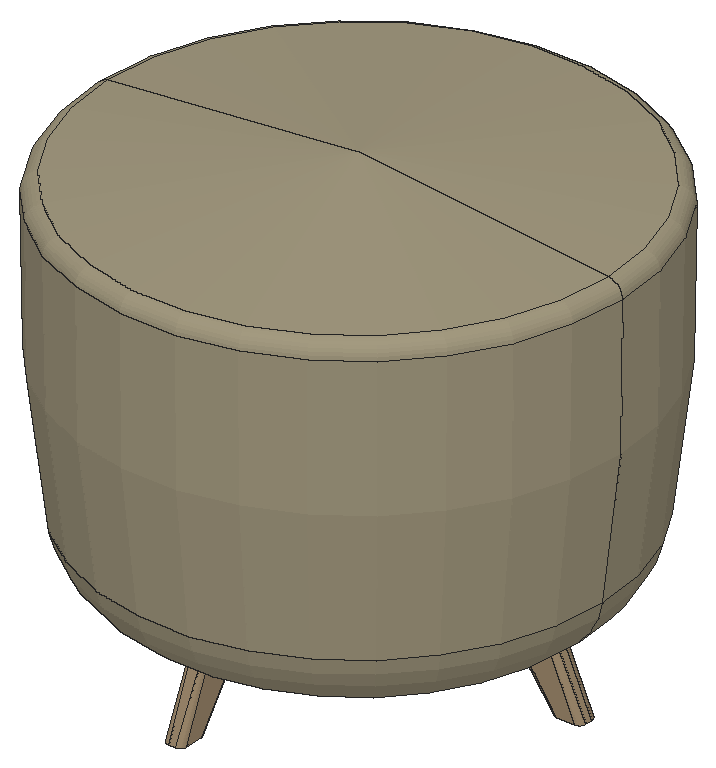
Revit family "FU_Chair_Sandler_DIADEMA 04011", category Furniture, Revit 2020
Family settings
  OmniClass Number = 23.21.23.15.17
  Work Plane-Based = Yes
  Always vertical = No
  Cut with Voids When Loaded = No
  Shared = No
  Room Calculation Point = No
Parameters (values of type "DIADEMA 04011")
  Youtube clip = ""
  Uniformat II Description = "Movable Furnishings"
  Uniformat II Code = ""
  Uniclass 2015 Name = ""
  Uniclass 2015 Code = ""
  Uniclass 2.0 Description = ""
  Uniclass 2.0 Code = ""
  Uniclass 1.4 Description = ""
  Uniclass 1.4 Code = ""
  UNSPSC Code = ""
  Technical description = ""
  Shell Material = Fabric - Mainline Flax - Kensington MLF07
  Frame Material = Wood - Beech - 1036 Pearl Gold
  Region South America = "All"
  Region Oceania = "All"
  Region North America = "All"
  Region Middle East = "All"
  Region Europe = "All"
  Region Asia = "All"
  Region Antarctica = "All"
  Region Africa = "All"
  QR code = "https://www.sandlerseating.com/product/diadema-04011"
  Product url = "https://www.sandlerseating.com/product/diadema-04011/"
  Product name = "DIADEMA 04011"
  Product group = "Chair"
  Product family = "Furniture"
  Product data url = "https://www.sandlerseating.com/product/diadema-04011/"
  Product certification = ""
  Product SKU = "??"
  Product Guid = "??"
  OmniClass Description = ""
  OmniClass Code = "23-21 23 15 17"
  NBS Reference Description = ""
  NBS Reference Code = ""
  Model = "DIADEMA 04011"
  Masterformat 2014 Description = "Chair Mats"
  Masterformat 2014 Code = "12 48 43.13"
  Manufacturer name = "Sandler"
  Manufacturer country = "USA"
  Manufacturer = "Sandler"
  Installation instructions = ""
  IFC Classification = "Furnishing Element"
  GTIN code = ""
  Edition number = 1
  Design country = "Brasil"
  Description = "Chair"
  Default Elevation = 0.000 mm
  Date of publishing = ""
  COBIe Type Category = ""
  Brand url = "https://www.sandlerseating.com/"
  BIMobject main category code = "furniture"
  BIMobject main category = "Furniture"
  BIMobject category code = "furniture-chair"
  BIMobject category = "Chair"
Reference planes
  plane 1 "Center Front/Back": y = 0
  plane 2: z = 0
  plane 3 "Center Left/Right": x = 0
Forms (mm)
  Revolve 1, solid, material "Fabric - Mainline Flax - Kensington MLF07" <- "Shell Material"
    sketch origin (0, 0, 0) x (1, 0, 0) y (0, 0, 1)
      loop
        arc (0, 401.606) -> (-117.603, 396.02) -> (-234.146, 379.311) r 1240.654
        arc (-234.146, 379.311) -> (-243.016, 374.174) -> (-246.776, 364.638) r 15.584
        arc (-246.776, 364.638) -> (-244.834, 234.047) -> (-228.463, 104.471) r 1179.391
        arc (-228.463, 104.471) -> (-206.995, 64.226) -> (-166.179, 43.863) r 75
        arc (-166.179, 43.863) -> (-83.336, 34.264) -> (0, 31.058) r 1084.728
        line (0, 31.058) -> (0, 401.606)
      axis (0, 401.606) -> (0, 31.058)
    angle from 0 to 360
  Blend 2, solid, material "Wood - Beech - 1036 Pearl Gold" <- "Frame Material"
    base sketch origin (0, 0, 840) x (-1, 0, 0) y (0, -1, 0)
      loop
        line (209.446, 8.891) -> (192.675, 8.891)
        arc (192.675, 8.891) -> (189.139, 7.426) -> (187.675, 3.891) r 5
        line (187.675, 3.891) -> (187.675, -3.895)
        arc (187.675, -3.895) -> (189.259, -7.72) -> (193.083, -9.304) r 5.408
        line (193.083, -9.304) -> (209.303, -9.304)
        arc (209.303, -9.304) -> (213.333, -7.634) -> (215.002, -3.604) r 5.699
        line (215.002, -3.604) -> (215.002, 3.335)
        arc (215.002, 3.335) -> (213.375, 7.263) -> (209.446, 8.891) r 5.556
    top sketch origin (0, 0, 840) x (-1, 0, 0) y (0, -1, 0)
      loop
        line (183.065, 8.891) -> (149.498, 8.891)
        arc (149.498, 8.891) -> (144.733, 6.917) -> (142.759, 2.152) r 6.739
        line (142.759, 2.152) -> (142.759, -2.838)
        arc (142.759, -2.838) -> (144.653, -7.41) -> (149.225, -9.304) r 6.466
        line (149.225, -9.304) -> (182.675, -9.304)
        arc (182.675, -9.304) -> (186.21, -7.839) -> (187.675, -4.304) r 5
        line (187.675, -4.304) -> (187.675, 4.281)
        arc (187.675, 4.281) -> (186.325, 7.54) -> (183.065, 8.891) r 4.61
    from -840 to -780
  Blend 3, solid, material "Wood - Beech - 1036 Pearl Gold" <- "Frame Material"
    base sketch origin (0, 0, 840) x (1, 0, 0) y (0, 1, 0)
      loop
        arc (209.446, -8.891) -> (213.375, -7.263) -> (215.002, -3.335) r 5.556
        line (215.002, -3.335) -> (215.002, 3.604)
        arc (215.002, 3.604) -> (213.333, 7.634) -> (209.303, 9.304) r 5.699
        line (209.303, 9.304) -> (193.083, 9.304)
        arc (193.083, 9.304) -> (189.259, 7.72) -> (187.675, 3.895) r 5.408
        line (187.675, 3.895) -> (187.675, -3.891)
        arc (187.675, -3.891) -> (189.139, -7.426) -> (192.675, -8.891) r 5
        line (192.675, -8.891) -> (209.446, -8.891)
    top sketch origin (0, 0, 840) x (1, 0, 0) y (0, 1, 0)
      loop
        arc (183.065, -8.891) -> (186.325, -7.54) -> (187.675, -4.281) r 4.61
        line (187.675, -4.281) -> (187.675, 4.304)
        arc (187.675, 4.304) -> (186.21, 7.839) -> (182.675, 9.304) r 5
        line (182.675, 9.304) -> (149.225, 9.304)
        arc (149.225, 9.304) -> (144.653, 7.41) -> (142.759, 2.838) r 6.466
        line (142.759, 2.838) -> (142.759, -2.152)
        arc (142.759, -2.152) -> (144.733, -6.917) -> (149.498, -8.891) r 6.739
        line (149.498, -8.891) -> (183.065, -8.891)
    from -840 to -780
  Blend 4, solid, material "Wood - Beech - 1036 Pearl Gold" <- "Frame Material"
    base sketch origin (0.207, -2.325, 840) x (0, -1, 0) y (1, 0, 0)
      loop
        line (209.446, 8.891) -> (192.675, 8.891)
        arc (192.675, 8.891) -> (189.139, 7.426) -> (187.675, 3.891) r 5
        line (187.675, 3.891) -> (187.675, -3.895)
        arc (187.675, -3.895) -> (189.259, -7.72) -> (193.083, -9.304) r 5.408
        line (193.083, -9.304) -> (209.303, -9.304)
        arc (209.303, -9.304) -> (213.333, -7.634) -> (215.002, -3.604) r 5.699
        line (215.002, -3.604) -> (215.002, 3.335)
        arc (215.002, 3.335) -> (213.375, 7.263) -> (209.446, 8.891) r 5.556
    top sketch origin (0.207, -2.325, 840) x (0, -1, 0) y (1, 0, 0)
      loop
        line (183.065, 8.891) -> (149.498, 8.891)
        arc (149.498, 8.891) -> (144.733, 6.917) -> (142.759, 2.152) r 6.739
        line (142.759, 2.152) -> (142.759, -2.838)
        arc (142.759, -2.838) -> (144.653, -7.41) -> (149.225, -9.304) r 6.466
        line (149.225, -9.304) -> (182.675, -9.304)
        arc (182.675, -9.304) -> (186.21, -7.839) -> (187.675, -4.304) r 5
        line (187.675, -4.304) -> (187.675, 4.281)
        arc (187.675, 4.281) -> (186.325, 7.54) -> (183.065, 8.891) r 4.61
    from -840 to -780
  Blend 5, solid, material "Wood - Beech - 1036 Pearl Gold" <- "Frame Material"
    base sketch origin (0.207, -2.325, 840) x (0, 1, 0) y (-1, 0, 0)
      loop
        arc (209.446, -8.891) -> (213.375, -7.263) -> (215.002, -3.335) r 5.556
        line (215.002, -3.335) -> (215.002, 3.604)
        arc (215.002, 3.604) -> (213.333, 7.634) -> (209.303, 9.304) r 5.699
        line (209.303, 9.304) -> (193.083, 9.304)
        arc (193.083, 9.304) -> (189.259, 7.72) -> (187.675, 3.895) r 5.408
        line (187.675, 3.895) -> (187.675, -3.891)
        arc (187.675, -3.891) -> (189.139, -7.426) -> (192.675, -8.891) r 5
        line (192.675, -8.891) -> (209.446, -8.891)
    top sketch origin (0.207, -2.325, 840) x (0, 1, 0) y (-1, 0, 0)
      loop
        arc (183.065, -8.891) -> (186.325, -7.54) -> (187.675, -4.281) r 4.61
        line (187.675, -4.281) -> (187.675, 4.304)
        arc (187.675, 4.304) -> (186.21, 7.839) -> (182.675, 9.304) r 5
        line (182.675, 9.304) -> (149.225, 9.304)
        arc (149.225, 9.304) -> (144.653, 7.41) -> (142.759, 2.838) r 6.466
        line (142.759, 2.838) -> (142.759, -2.152)
        arc (142.759, -2.152) -> (144.733, -6.917) -> (149.498, -8.891) r 6.739
        line (149.498, -8.891) -> (183.065, -8.891)
    from -840 to -780
Dimensions and locks
  aligned and locked: level to plane 2
